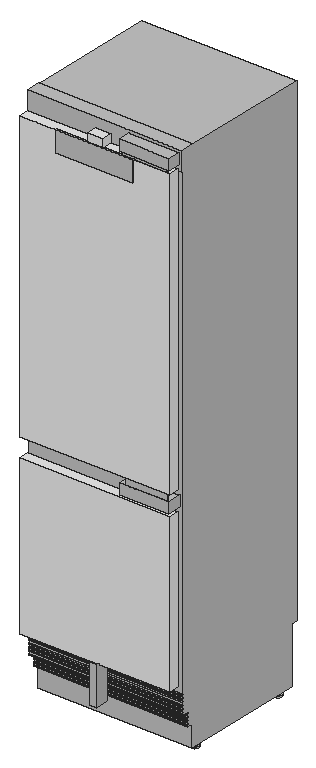
Revit family "FP_Revit_18_RS2484WRU1_Fridge_90001069A", category Specialty Equipment, Revit 2018
Family settings
  Round Connector Dimension = Use Diameter
  Part Type = Normal
  OmniClass Number = 23.40.40.11.11
  OmniClass Title = Refrigerators and Freezers
  Work Plane-Based = No
  Always vertical = Yes
  Cut with Voids When Loaded = Yes
  Shared = No
  Room Calculation Point = No
Parameters (values of type "RS2484WRU1")
  Visibility - Water Connection = yes
  Visibility - Visibility Control Note = yes
  Visibility - Clearance Required = yes
  URL = "www.fisherpaykel.com"
  Stainless Steel Door Panels (RD2484WRD) = no
  Product - Width = 603 mm  # constant formula
  Product - Height = 2134 mm  # constant formula
  Product - Depth (exl front panel) = 610 mm  # constant formula
  Model = "RS2484WRU1"
  Material - Handle = Fisher & Paykel - Aluminium
  Material - Door Structure = Fisher & Paykel - White
  Material - Door Front = Fisher & Paykel - Stainless Steel
  Material - Body = Fisher & Paykel - Grey
  Manufacturer = "Fisher & Paykel Appliances"
  Handle Style - Professional Square (AHV2RD2484W) = no
  Handle Style - Professional Round Flush (AHP3RD2484W) = no
  Handle Style - Professional Round (AHCRD2484W) = no
  Handle Style - Contemporary Square Fine Black (AHD5RD2484WB) = no
  Handle Style - Contemporary Square Fine (AHD5RD2484W) = no
  Handle Style - Contemporary Square (AHD3RD2484W) = no
  Handle Style - Contemporary Round (AHSRD2484W) = no
  Description = "24\" Integrated Column Refrigerator/Freezer with Ice & Water"
  Connector Description - Water = "1/4\" (6mm) comp. stainless steel braided hose"
  Connector Description - Electrical = "120 V, 10 amp fused electrical supply"
  Cavity - Width = 610 mm  # constant formula
  Cavity - Height = 2134 mm  # constant formula
  Cavity - Depth = 635 mm  # constant formula
Reference planes
  plane 1 "Datum": y = 0
  plane 2: z = 0
  plane 3 "Center (Left/Right)": x = 0
  plane 4 "Product LHS": x = -301.5
  plane 5 "Product RHS": x = 301.5
  plane 6 "Product - Depth": y = 610
  plane 7 "Cavity LHS": x = -305
  plane 8 "Cavity RHS": x = 305
  plane 9 "Cavity - Depth": y = 635
  plane 10 "Handle Offset": x = -238.5
  plane 11 "Product Height": z = 2134
  plane 12 "Cavity Height": z = 2134
  plane 13 "Door Panel Datum": y = -4.1
Forms (mm)
  Extrusion 1, solid, material "Fisher & Paykel - Grey" <- "Material - Body", detail levels fine
    sketch origin (0, 0, 0) x (0, 1, 0) y (0, 0, 1)
      loop
        line (100.1, 19.1) -> (587.9, 19.1) -> (587.9, 239.7) -> (610, 239.7) -> (610, 2132.3) -> (105.1, 2132.3) -> (105.1, 2134) -> (49.9, 2134) -> (49.9, 2059) -> (56, 2059) -> (56, 228.6) -> (59.5, 228.6) -> (59.5, 219.7) -> (56.5, 219.7) -> (56.5, 215.9) -> (59.5, 215.9) -> (59.5, 207) -> (56.5, 207) -> (56.5, 203.2) -> (59.5, 203.2) -> (59.5, 194.3) -> (56.5, 194.3) -> (56.5, 190.5) -> (59.5, 190.5) -> (59.5, 181.6) -> (56.5, 181.6) -> (56.5, 177.8) -> (59.5, 177.8) -> (59.5, 168.9) -> (56.5, 168.9) -> (56.5, 165.1) -> (59.5, 165.1) -> (59.5, 156.2) -> (56.5, 156.2) -> (56.5, 152.4) -> (84.1, 152.4) -> (84.1, 143.5) -> (81.1, 143.5) -> (81.1, 139.7) -> (84.1, 139.7) -> (84.1, 130.8) -> (81.1, 130.8) -> (81.1, 127) -> (84.1, 127) -> (84.1, 118.1) -> (81.1, 118.1) -> (81.1, 114.3) -> (84.1, 114.3) -> (84.1, 105.4) -> (81.1, 105.4) -> (81.1, 101.6) -> (100.1, 101.6) -> (100.1, 19.1)
    from -301.5 to 301.5
  Extrusion 2, solid, material "Fisher & Paykel - Grey" <- "Material - Body"
    sketch origin (0, 0, 0) x (1, 0, 0) y (0, 1, 0)
      loop
        circle (-281, 547.8) r 4.1
      loop
        circle (-281, 141.8) r 4.1
      loop
        circle (281, 547.8) r 4.1
      loop
        circle (281, 141.8) r 4.1
    from 3 to 19.1
  Extrusion 3, solid, material "Fisher & Paykel - Grey" <- "Material - Body"
    sketch origin (0, 0, 0) x (1, 0, 0) y (0, 1, 0)
      loop
        circle (-281, 547.8) r 14.5
      loop
        circle (-281, 141.8) r 14.555
      loop
        circle (281, 547.8) r 14.5
      loop
        circle (281, 141.8) r 14.555
    from 0 to 3
  Extrusion 4, solid, material "Fisher & Paykel - Grey" <- "Material - Body", detail levels fine
    sketch origin (0, 0, 0) x (1, 0, 0) y (0, 1, 0)
      loop
        line (-7.5, 49) -> (-13.797, -4.1) -> (13.797, -4.1) -> (7.5, 49) -> (-7.5, 49)
    from 104.2 to 253.8
  Extrusion 5, solid, material "Fisher & Paykel - Grey" <- "Material - Body", detail levels fine
    sketch origin (0, 0, 0) x (1, 0, 0) y (0, 0, 1)
      loop
        line (289.9, 2123.15) -> (95.42, 2123.15) -> (95.42, 2081.05) -> (289.9, 2081.05) -> (289.9, 2123.15)
    from -49 to -2.5
  Extrusion 6, solid, material "Fisher & Paykel - Grey" <- "Material - Body", detail levels fine
    sketch origin (0, 0, 0) x (0, 1, 0) y (0, 0, 1)
      loop
        line (0, 2070.6) -> (0, 1988.6) -> (2, 1988.6) -> (2, 2068.6) -> (4, 2068.6) -> (4, 2070.6) -> (0, 2070.6)
    from -150 to 150
  Extrusion 7, solid, material "Fisher & Paykel - Grey" <- "Material - Body"
    sketch origin (0, 0, 0) x (1, 0, 0) y (0, 0, 1)
      loop
        circle (226.5, 119.813) r 5
      loop
        circle (-226.5, 119.813) r 5
    from -590 to -587.9
  Extrusion 8, solid, material "Fisher & Paykel - White" <- "Material - Door Structure"
    sketch origin (0, 0, 0) x (1, 0, 0) y (0, 1, 0)
      loop
        line (-276.5, 56) -> (-276.5, 42) -> (276.5, 42) -> (276.5, 56) -> (-276.5, 56)
    from 951.3 to 2030.7
  Extrusion 9, solid, material "Fisher & Paykel - White" <- "Material - Door Structure"
    sketch origin (0, 0, 0) x (1, 0, 0) y (0, 1, 0)
      loop
        line (-292.9, 42) -> (-292.9, 3) -> (292.9, 3) -> (292.9, 42) -> (-292.9, 42)
    from 943.8 to 2068.6
  Extrusion 10, solid, material "Fisher & Paykel - White" <- "Material - Door Structure", detail levels fine
    sketch origin (0, 0, 0) x (1, 0, 0) y (0, 0, 1)
      loop
        line (-29.5, 2100.1) -> (-29.5, 2068.6) -> (29.5, 2068.6) -> (29.5, 2100.1) -> (-29.5, 2100.1)
    from -42 to -3
  Extrusion 11, solid, material "Fisher & Paykel - Stainless Steel" <- "Material - Door Front", visible <- "Stainless Steel Door Panels (RD2484WRD)"
    sketch origin (0, 0, 0) x (0, 1, 0) y (0, 0, 1)
      loop
        line (-22.1, 2130.8) -> (-22.1, 876.3) -> (-4.1, 876.3) -> (-4.1, 2130.8) -> (-22.1, 2130.8)
      loop
        line (-22.1, 102) -> (-4.1, 102) -> (-4.1, 873.1) -> (-22.1, 873.1) -> (-22.1, 102)
    from -301.5 to 301.5
  Extrusion 12, solid, material "Fisher & Paykel - Grey" <- "Material - Body", detail levels coarse+medium
    sketch origin (0, 0, 0) x (0, 1, 0) y (0, 0, 1)
      loop
        line (49.9, 2134) -> (49.9, 2059) -> (56, 2059) -> (56, 152.4) -> (81.1, 152.4) -> (81.1, 101.6) -> (100.1, 101.6) -> (100.1, 19.1) -> (587.9, 19.1) -> (587.9, 239.7) -> (610, 239.7) -> (610, 2134) -> (49.9, 2134)
    from -301.5 to 301.5
  Extrusion 13, solid, material "Fisher & Paykel - Grey" <- "Material - Body", detail levels fine
    sketch origin (0, 0, 0) x (1, 0, 0) y (0, 0, 1)
      loop
        line (289.9, 877.25) -> (289.9, 919.35) -> (95.42, 919.35) -> (95.42, 877.25) -> (289.9, 877.25)
    from -56 to -2.5
  Extrusion 14, solid, material "Fisher & Paykel - Grey" <- "Material - Body", detail levels fine
    sketch origin (0, 0, -4) x (0, 1, 0) y (0, 0, 1)
      loop
        arc (163.888, 23.1) -> (180.4, 13.63) -> (196.912, 23.1) r 19.13
        line (196.912, 23.1) -> (163.888, 23.1)
      loop
        arc (493.888, 23.1) -> (510.4, 13.63) -> (526.912, 23.1) r 19.13
        line (526.912, 23.1) -> (493.888, 23.1)
    from 191 to 219
  Extrusion 15, solid, material "Fisher & Paykel - Grey" <- "Material - Body", detail levels fine
    sketch origin (0, 0, -4) x (0, 1, 0) y (0, 0, -1)
      loop
        line (163.888, -23.1) -> (196.912, -23.1)
        arc (196.912, -23.1) -> (180.4, -13.63) -> (163.888, -23.1) r 19.13
      loop
        line (493.888, -23.1) -> (526.912, -23.1)
        arc (526.912, -23.1) -> (510.4, -13.63) -> (493.888, -23.1) r 19.13
    from 191 to 219
  Extrusion 16, solid, material "Fisher & Paykel - Clearance Required", visible <- "Visibility - Clearance Required", detail levels coarse
    sketch origin (0, 0, 0) x (1, 0, 0) y (0, 1, 0)
      loop
        line (-305, 635) -> (-305, -4.1) -> (305, -4.1) -> (305, 635) -> (-305, 635)
    from 0 to 2134
  Extrusion 17, void
    sketch origin (0, 0, 0) x (1, 0, 0) y (0, 1, 0)
      loop
        line (-305, 635) -> (-305, -22.1) -> (305, -22.1) -> (305, 635) -> (-305, 635)
    from 0 to 2134
  Extrusion 18, solid, material "Fisher & Paykel - Grey" <- "Material - Body", detail levels fine
    sketch origin (0, 0, 0) x (1, 0, 0) y (0, 0, 1)
      loop
        line (118.4, 943.8) -> (118.4, 919.35) -> (282.9, 919.35) -> (282.9, 943.8) -> (118.4, 943.8)
      loop
        line (106, 2081.05) -> (106, 2068.6) -> (282.9, 2068.6) -> (282.9, 2076.05) -> (242.9, 2081.05) -> (106, 2081.05)
    from -7 to -4
  Extrusion 19, solid, material "Fisher & Paykel - White" <- "Material - Door Structure"
    sketch origin (0, 0, 0) x (1, 0, 0) y (0, 1, 0)
      loop
        line (-292.9, 42) -> (-292.9, 3) -> (292.9, 3) -> (292.9, 42) -> (-292.9, 42)
    from 253.8 to 868.15
  Extrusion 20, solid, material "Fisher & Paykel - White" <- "Material - Door Structure"
    sketch origin (0, 0, 0) x (1, 0, 0) y (0, 1, 0)
      loop
        line (-276.5, 56) -> (-276.5, 42) -> (276.5, 42) -> (276.5, 56) -> (-276.5, 56)
    from 269.2 to 858.13
  Extrusion 21, solid, material "Fisher & Paykel - Clearance Required", visible <- "Visibility - Clearance Required", detail levels coarse
    sketch origin (0, 0, 0) x (0, 1, 0) y (0, 0, 1)
      loop
        line (-422.1, 873.1) -> (-422.1, 818.896) -> (-482.1, 818.896) -> (-482.1, 781.896) -> (-422.1, 781.896) -> (-422.1, 101.6) -> (-22.1, 101.6) -> (-22.1, 873.1) -> (-422.1, 873.1)
    from -305 to 305
  Extrusion 22, solid, material "Fisher & Paykel - Clearance Required", visible <- "Visibility - Clearance Required", detail levels coarse
    sketch origin (0, 0, 0) x (1, 0, 0) y (0, 1, 0)
      loop
        line (301.5, -22.1) -> (-301.5, -22.1)
        arc (-301.5, -22.1) -> (-14.693, -560.645) -> (593.641, -607.752) r 633.927
        line (593.641, -607.752) -> (571.638, -560.412) -> (599.086, -547.613)
        arc (599.086, -547.613) -> (608.033, -523.032) -> (583.452, -514.085) r 18.497
        line (583.452, -514.085) -> (556.046, -526.865) -> (339.359, -60.653)
        arc (339.359, -60.653) -> (304.469, -57.05) -> (301.5, -22.1) r 27.5
    from 876.3 to 2134
Lines and regions (mm)
  model lines, style "Fisher & Paykel"
    curve 1: line (-301.5, 0, 2130.8) -> (301.5, 0, 2130.8)
    curve 2: line (-301.5, 0, 876.3) -> (-301.5, 0, 2130.8)
    curve 3: line (301.5, 0, 876.3) -> (-301.5, 0, 876.3)
    curve 4: line (301.5, 0, 2130.8) -> (301.5, 0, 876.3)
    curve 5: line (301.5, 0, 873.1) -> (-301.5, 0, 873.1)
    curve 6: line (301.5, 0, 102) -> (301.5, 0, 873.1)
    curve 7: line (-301.5, 0, 102) -> (301.5, 0, 102)
    curve 8: line (-301.5, 0, 873.1) -> (-301.5, 0, 102)
Text (mm)
  text "Due to ongoing product development, product details are subject to change without notice. \nPlease always refer to www.fisherpaykel.com for the most current product information. \n© Fisher & Paykel 2020" at (41.04, -678.295, 0), in view "Ref. Level (Plan)"
Dimensions and locks
  equal spacing: plane 4 "Product LHS", plane 3 "Center (Left/Right)", plane 5 "Product RHS"
  "Product - Width": plane 4 "Product LHS" to plane 5 "Product RHS"
  "Product - Depth (exl front panel)": plane 1 "Datum" to plane 6 "Product - Depth"
  equal spacing: plane 7 "Cavity LHS", plane 3 "Center (Left/Right)", plane 8 "Cavity RHS"
  "Cavity - Width": plane 7 "Cavity LHS" to plane 8 "Cavity RHS"
  "Cavity - Depth": plane 9 "Cavity - Depth" to plane 1 "Datum"
  plane 4 "Product LHS" to Extrusion 2 sketch curve = 24.6 mm
  plane 4 "Product LHS" to plane 10 "Handle Offset" = 63 mm
  Extrusion 7 sketch curve to Extrusion 1 = 119.887 mm  (x2)
  Extrusion 7 sketch curve to plane 5 "Product RHS" = 75 mm
  plane 4 "Product LHS" to Extrusion 7 sketch curve = 75 mm
  Extrusion 1 sketch curve to Extrusion 1 sketch curve = 82.5 mm
  Extrusion 1 sketch curve to Extrusion 1 sketch curve = 209.5 mm
  Extrusion 1 sketch curve to Extrusion 1 sketch curve = 220.6 mm
  Extrusion 3 to level = 3 mm
  Extrusion 12 to Extrusion 9 = 924.7 mm
  Extrusion 12 to Extrusion 8 = 932.2 mm
  Extrusion 12 to Extrusion 12 = 2114.9 mm
  Extrusion 12 to Extrusion 11 = 82.9 mm
  "Product - Height": level to plane 11 "Product Height"
  plane 11 "Product Height" to Extrusion 11 = 3.2 mm
  Extrusion 9 to plane 11 "Product Height" = 65.4 mm
  Extrusion 8 to plane 11 "Product Height" = 103.3 mm
  Extrusion 12 sketch curve to plane 11 "Product Height" = 75 mm
  Extrusion 1 sketch curve to plane 11 "Product Height" = 1.7 mm
  Extrusion 1 sketch curve to plane 11 "Product Height" = 75 mm
  "Cavity - Height": plane 12 "Cavity Height" to level
  plane 1 "Datum" to Extrusion 16 = 635 mm
  plane 1 "Datum" to Extrusion 17 = 635 mm
  Extrusion 18 sketch curve to Extrusion 18 sketch curve = 40 mm
  Extrusion 18 sketch curve to plane 3 "Center (Left/Right)" = 106 mm
  Extrusion 18 sketch curve to Extrusion 18 sketch curve = 176.9 mm
  Extrusion 18 sketch curve to plane 3 "Center (Left/Right)" = 118.4 mm
  plane 3 "Center (Left/Right)" to Extrusion 18 sketch curve = 282.9 mm
  Extrusion 17 to level = 2134 mm
  radius of Extrusion 7 sketch curve = 5 mm
  aligned and locked: level to plane 2
  aligned and locked: Extrusion 11 to plane 5 "Product RHS"
  aligned and locked: plane 4 "Product LHS" to Extrusion 11
  aligned and locked: Extrusion 12 to plane 5 "Product RHS"
  aligned and locked: Extrusion 12 to plane 4 "Product LHS"
  aligned and locked: Extrusion 12 sketch curve to plane 11 "Product Height"
  aligned and locked: plane 11 "Product Height" to Extrusion 1 sketch curve
  aligned and locked: Extrusion 14 sketch curve to Extrusion 14 sketch curve
  aligned and locked: Extrusion 15 sketch curve to Extrusion 15 sketch curve
  aligned and locked: Extrusion 1 to plane 5 "Product RHS"
  aligned and locked: plane 4 "Product LHS" to Extrusion 1
  aligned and locked: nested 2 to plane 10 "Handle Offset"
  aligned and locked: nested 3 to plane 10 "Handle Offset"
  aligned and locked: nested 4 to plane 10 "Handle Offset"
  aligned and locked: nested 5 to plane 10 "Handle Offset"
  aligned and locked: nested 6 to plane 10 "Handle Offset"
  aligned and locked: nested 7 to plane 10 "Handle Offset"
  aligned and locked: nested 8 to plane 10 "Handle Offset"
Automatic sketch dimensions
  Extrusion 1 sketch curve to plane 6 "Product - Depth" = 0 mm
  Extrusion 1 sketch curve to Extrusion 1 sketch curve = 22.1 mm
  Extrusion 1 sketch curve to plane 1 "Datum" = 105.1 mm
  level to Extrusion 1 sketch curve = 19.1 mm
  Extrusion 1 sketch curve to plane 1 "Datum" = 100.1 mm
  Extrusion 1 sketch curve to Extrusion 1 sketch curve = 16 mm
  Extrusion 1 sketch curve to Extrusion 1 sketch curve = 0 mm  (x8)
  Extrusion 1 sketch curve to Extrusion 1 sketch curve = 3 mm  (x10)
  Extrusion 1 sketch curve to plane 1 "Datum" = 59.5 mm
  Extrusion 1 sketch curve to plane 1 "Datum" = 56 mm
  Extrusion 1 sketch curve to plane 1 "Datum" = 49.9 mm
  Extrusion 1 sketch curve to Extrusion 1 sketch curve = 3.8 mm  (x10)
  Extrusion 1 sketch curve to Extrusion 1 sketch curve = 8.9 mm  (x9)
  Extrusion 2 sketch curve to plane 4 "Product LHS" = 20.5 mm  (x2)
  plane 5 "Product RHS" to Extrusion 2 sketch curve = 20.5 mm  (x2)
  Extrusion 2 sketch curve to plane 1 "Datum" = 141.8 mm  (x2)
  Extrusion 2 sketch curve to plane 6 "Product - Depth" = 62.2 mm  (x2)
  Extrusion 3 sketch curve to plane 4 "Product LHS" = 20.5 mm  (x2)
  plane 5 "Product RHS" to Extrusion 3 sketch curve = 20.5 mm  (x2)
  Extrusion 3 sketch curve to plane 1 "Datum" = 141.8 mm  (x2)
  Extrusion 3 sketch curve to plane 6 "Product - Depth" = 62.2 mm  (x2)
  plane 1 "Datum" to Extrusion 4 sketch curve = 4.1 mm
  Extrusion 4 sketch curve to plane 3 "Center (Left/Right)" = 13.797 mm
  Extrusion 4 sketch curve to plane 3 "Center (Left/Right)" = 7.5 mm
  plane 3 "Center (Left/Right)" to Extrusion 4 sketch curve = 7.5 mm
  plane 3 "Center (Left/Right)" to Extrusion 4 sketch curve = 13.797 mm
  Extrusion 4 sketch curve to plane 1 "Datum" = 49 mm
  plane 11 "Product Height" to Extrusion 5 sketch curve = 10.85 mm
  plane 3 "Center (Left/Right)" to Extrusion 5 sketch curve = 95.42 mm
  plane 5 "Product RHS" to Extrusion 5 sketch curve = 11.6 mm
  Extrusion 5 sketch curve to Extrusion 5 sketch curve = 42.1 mm
  Extrusion 6 sketch curve to plane 1 "Datum" = 0 mm
  Extrusion 6 sketch curve to plane 1 "Datum" = 2 mm
  Extrusion 6 sketch curve to Extrusion 6 sketch curve = 2 mm  (x2)
  plane 11 "Product Height" to Extrusion 6 sketch curve = 145.4 mm
  plane 11 "Product Height" to Extrusion 6 sketch curve = 65.4 mm
  Extrusion 8 sketch curve to plane 4 "Product LHS" = 25 mm
  plane 5 "Product RHS" to Extrusion 8 sketch curve = 25 mm
  Extrusion 8 sketch curve to plane 1 "Datum" = 42 mm
  Extrusion 8 sketch curve to Extrusion 8 sketch curve = 14 mm
  Extrusion 9 sketch curve to plane 1 "Datum" = 3 mm
  Extrusion 9 sketch curve to plane 4 "Product LHS" = 8.6 mm
  plane 5 "Product RHS" to Extrusion 9 sketch curve = 8.6 mm
  Extrusion 9 sketch curve to Extrusion 9 sketch curve = 39 mm
  Extrusion 10 sketch curve to plane 3 "Center (Left/Right)" = 29.5 mm
  plane 3 "Center (Left/Right)" to Extrusion 10 sketch curve = 29.5 mm
  plane 11 "Product Height" to Extrusion 10 sketch curve = 65.4 mm
  Extrusion 10 sketch curve to Extrusion 10 sketch curve = 31.5 mm
  Extrusion 12 sketch curve to plane 6 "Product - Depth" = 0 mm
  Extrusion 12 sketch curve to plane 6 "Product - Depth" = 22.1 mm
  Extrusion 12 sketch curve to plane 1 "Datum" = 100.1 mm
  Extrusion 12 sketch curve to Extrusion 12 sketch curve = 19 mm
  Extrusion 12 sketch curve to plane 1 "Datum" = 56 mm
  Extrusion 12 sketch curve to plane 1 "Datum" = 49.9 mm
  level to Extrusion 12 sketch curve = 239.7 mm
  level to Extrusion 12 sketch curve = 152.4 mm
  Extrusion 12 sketch curve to Extrusion 12 sketch curve = 50.8 mm
  level to Extrusion 12 sketch curve = 19.1 mm
  plane 3 "Center (Left/Right)" to Extrusion 13 sketch curve = 95.42 mm
  plane 5 "Product RHS" to Extrusion 13 sketch curve = 11.6 mm
  level to Extrusion 13 sketch curve = 877.25 mm
  Extrusion 13 sketch curve to Extrusion 13 sketch curve = 42.1 mm
  level to Extrusion 14 sketch curve = 19.1 mm
  Extrusion 14 sketch curve to plane 1 "Datum" = 163.888 mm
  Extrusion 14 sketch curve to Extrusion 14 sketch curve = 16.512 mm  (x2)
  Extrusion 14 sketch curve to plane 6 "Product - Depth" = 116.112 mm
  Extrusion 14 sketch curve to Extrusion 14 sketch curve = 9.66 mm  (x2)
  level to Extrusion 15 sketch curve = 19.1 mm
  Extrusion 15 sketch curve to plane 1 "Datum" = 163.888 mm
  Extrusion 15 sketch curve to Extrusion 15 sketch curve = 16.512 mm  (x2)
  Extrusion 15 sketch curve to plane 6 "Product - Depth" = 116.112 mm
  Extrusion 15 sketch curve to Extrusion 15 sketch curve = 9.66 mm  (x2)
  Extrusion 16 sketch curve to plane 7 "Cavity LHS" = 0 mm
  Extrusion 16 sketch curve to plane 8 "Cavity RHS" = 0 mm
  Extrusion 16 sketch curve to plane 9 "Cavity - Depth" = 0 mm
  plane 1 "Datum" to Extrusion 16 sketch curve = 4.1 mm
  Extrusion 17 sketch curve to plane 7 "Cavity LHS" = 0 mm
  Extrusion 17 sketch curve to plane 8 "Cavity RHS" = 0 mm
  plane 9 "Cavity - Depth" to Extrusion 17 sketch curve = 0 mm
  plane 1 "Datum" to Extrusion 17 sketch curve = 22.1 mm
  level to Extrusion 18 sketch curve = 919.35 mm
  Extrusion 18 sketch curve to Extrusion 18 sketch curve = 24.45 mm
  plane 11 "Product Height" to Extrusion 18 sketch curve = 65.4 mm
  Extrusion 18 sketch curve to Extrusion 18 sketch curve = 7.45 mm
  Extrusion 18 sketch curve to Extrusion 18 sketch curve = 5 mm
  Extrusion 19 sketch curve to plane 1 "Datum" = 3 mm
  Extrusion 19 sketch curve to plane 4 "Product LHS" = 8.6 mm
  plane 5 "Product RHS" to Extrusion 19 sketch curve = 8.6 mm
  Extrusion 19 sketch curve to Extrusion 19 sketch curve = 39 mm
  Extrusion 20 sketch curve to plane 4 "Product LHS" = 25 mm
  plane 5 "Product RHS" to Extrusion 20 sketch curve = 25 mm
  Extrusion 20 sketch curve to plane 1 "Datum" = 42 mm
  Extrusion 20 sketch curve to Extrusion 20 sketch curve = 14 mm
  plane 1 "Datum" to Extrusion 21 sketch curve = 482.1 mm
  Extrusion 21 sketch curve to Extrusion 21 sketch curve = 60 mm
  Extrusion 21 sketch curve to Extrusion 21 sketch curve = 0 mm
  plane 1 "Datum" to Extrusion 21 sketch curve = 22.1 mm
  level to Extrusion 21 sketch curve = 101.6 mm
  Extrusion 21 sketch curve to Extrusion 21 sketch curve = 680.296 mm
  Extrusion 21 sketch curve to Extrusion 21 sketch curve = 37 mm
  Extrusion 21 sketch curve to Extrusion 21 sketch curve = 54.204 mm
  Extrusion 22 sketch curve to plane 4 "Product LHS" = 0 mm
  Extrusion 22 sketch curve to plane 5 "Product RHS" = 0 mm
  Extrusion 22 sketch curve to plane 8 "Cavity RHS" = 19.09 mm
  Extrusion 22 sketch curve to Extrusion 22 sketch curve = 8.286 mm
  Extrusion 22 sketch curve to Extrusion 22 sketch curve = 15.269 mm
  Extrusion 22 sketch curve to plane 8 "Cavity RHS" = 251.046 mm
  Extrusion 22 sketch curve to Extrusion 22 sketch curve = 15.592 mm
  Extrusion 22 sketch curve to Extrusion 22 sketch curve = 27.406 mm
  Extrusion 22 sketch curve to Extrusion 22 sketch curve = 7.817 mm  (x2)
  Extrusion 22 sketch curve to Extrusion 22 sketch curve = 22.003 mm
  plane 1 "Datum" to Extrusion 22 sketch curve = 607.752 mm
  Extrusion 22 sketch curve to Extrusion 22 sketch curve = 47.34 mm
  Extrusion 22 sketch curve to Extrusion 22 sketch curve = 12.799 mm
  Extrusion 22 sketch curve to Extrusion 22 sketch curve = 16.764 mm
  Extrusion 22 sketch curve to Extrusion 22 sketch curve = 12.78 mm
  plane 1 "Datum" to Extrusion 22 sketch curve = 60.653 mm
  Extrusion 22 sketch curve to Extrusion 22 sketch curve = 22.871 mm
  plane 1 "Datum" to Extrusion 11 sketch curve = 22.1 mm
  plane 1 "Datum" to Extrusion 11 sketch curve = 4.1 mm
  level to Extrusion 11 sketch curve = 102 mm
  plane 11 "Product Height" to Extrusion 11 sketch curve = 3.2 mm
  Extrusion 11 sketch curve to Extrusion 11 sketch curve = 3.2 mm
  Extrusion 11 sketch curve to Extrusion 11 sketch curve = 771.1 mm
  Extrusion 11 sketch curve to Extrusion 11 sketch curve = 0 mm  (x2)
  plane 4 "Product LHS" to curve 1 = 0 mm
  plane 4 "Product LHS" to curve 8 = 0 mm
  plane 5 "Product RHS" to curve 4 = 0 mm
  plane 5 "Product RHS" to curve 6 = 0 mm
  level to curve 6 = 102 mm
  curve 6 to curve 6 = 771.1 mm
  curve 5 to curve 2 = 3.2 mm
  plane 11 "Product Height" to curve 2 = 3.2 mm
  radius of Extrusion 2 sketch curve = 4.1 mm  (x3)
  radius of Extrusion 3 sketch curve = 14.5 mm  (x2)
  radius of Extrusion 3 sketch curve = 14.555 mm  (x2)
  radius of Extrusion 7 sketch curve = 5 mm
Nested families
  nested 1: "Visibility Control Note 18" at (0, 0, 0), visible <- "Visibility - Visibility Control Note", type "Visibility Control Note 18"
  nested 2: "Handle Contemporary Round - Vertical" at (-238.5, -22.1, 1322.58), visible <- "Handle Style - Contemporary Round (AHSRD2484W)", type "AHSRD2484W - Contemporary round handle (1 of 2) (Vertical) 727mm"
  nested 3: "Handle Contemporary Square - Vertical" at (-238.5, -22.1, 1322.58), visible <- "Handle Style - Contemporary Square (AHD3RD2484W)", type "AHD3RD2484W - Contemporary square handle (1 of 2) (Vertical) 727mm"
  nested 4: "F&P Handle Kit - Contemporary Square Fine - Vertical" at (-238.5, -22.1, 1322.58), visible <- "Handle Style - Contemporary Square Fine Black (AHD5RD2484WB)", type "AHD5RD2484WB - Contemporary square fine black handle (1 of 2) (Vertical) 727mm"
  nested 5: "F&P Handle Kit - Contemporary Square Fine - Vertical" at (-238.5, -22.1, 1322.58), visible <- "Handle Style - Contemporary Square Fine (AHD5RD2484W)", type "AHD5RD2484W - Contemporary square fine handle (1 of 2) (Vertical) 727mm"
  nested 6: "Handle Professional Round - Vertical" at (-238.5, -22.1, 1322.58), visible <- "Handle Style - Professional Round (AHCRD2484W)", type "AHCRD2484W - Professional round handle (1 of 2) (Vertical) 661mm"
  nested 7: "Handle Professional Round Flush - Vertical" at (-238.5, -22.1, 1322.58), visible <- "Handle Style - Professional Round Flush (AHP3RD2484W)", type "AHP3RD2484W - Professional round flush handle (1 of 2) (Vertical) 677mm"
  nested 8: "Handle Professional Square - Vertical" at (-238.5, -22.1, 1322.58), visible <- "Handle Style - Professional Square (AHV2RD2484W)", type "AHV2RD2484W - Professional square handle (1 of 2) (Vertical) 727mm"
  nested 9: "Handle Contemporary Round - Horizontal" at (0, -22.1, 800.364), visible <- "Handle Style - Contemporary Round (AHSRD2484W)", type "AHSRD2484W - Contemporary round handle (2 of 2) (Horizontal) 494mm"
  nested 10: "Handle Contemporary Square - Horizontal" at (0, -22.1, 800.364), visible <- "Handle Style - Contemporary Square (AHD3RD2484W)", type "AHD3RD2484W - Contemporary square handle (2 of 2) (Horizontal) 494mm"
  nested 11: "F&P Handle Kit - Contemporary Square Fine - Horizontal" at (0, -22.1, 800.364), visible <- "Handle Style - Contemporary Square Fine Black (AHD5RD2484WB)", type "AHD5RD2484WB - Contemporary square fine black handle (2 of 2) (Horizontal) 494mm"
  nested 12: "Handle Professional Round - Horizontal" at (0, -22.1, 800.364), visible <- "Handle Style - Professional Round (AHCRD2484W)", type "AHCRD2484W - Professional round handle (2 of 2) (Horizontal) 428mm"
  nested 13: "Handle Professional Round Flush - Horizontal" at (0, -22.1, 800.364), visible <- "Handle Style - Professional Round Flush (AHP3RD2484W)", type "AHP3RD2484W - Professional round flush handle (2 of 2) (Horizontal) 443mm"
  nested 14: "Handle Professional Square - Horizontal" at (0, -22.1, 800.364), visible <- "Handle Style - Professional Square (AHV2RD2484W)", type "AHV2RD2484W - Professional square handle (2 of 2) (Horizontal) 434mm"
  nested 15: "F&P Handle Kit - Contemporary Square Fine - Horizontal" at (0, -22.1, 800.364), visible <- "Handle Style - Contemporary Square Fine (AHD5RD2484W)", type "AHD5RD2484W - Contemporary square fine handle (2 of 2) (Horizontal) 494mm"
Connectors
  electrical at (-226.5, 590, 119.813), driven by "Connector Description - Electrical"
    settings: on Extrusion 7, index 1, voltage 120 V, apparent load 0 VA, apparent load phase1 0 VA, apparent load phase2 0 VA, apparent load phase3 0 VA, power factor 1, load classification "Other", number of poles 1, system type 30, power factor state 1, is connector primary yes, connector utility no, sub classification motor no, connector description "120 V, 10 amp fused electrical supply"
  piping at (226.5, 590, 119.813), diameter 12.7, driven by "Visibility - Water Connection", driven by "Connector Description - Water"
    settings: on Extrusion 7, index 2, connector inside diameter 609.6 mm, connector length 0 mm, flow factor 0, pipe flow 0.0 L/s, pressure drop 0.0 Pa, fitting loss kfactor 0, connector angle 0.00°, fixture units 0, engagement length 0 mm, angle of deflection 0.00°, flow configuration 0, flow direction 1, fitting loss method 0, system type 20, joint type 0, gender type 0, connector reference index -1, connector utility 1, adjustable connector no, is connector primary yes, connector description "1/4\" (6mm) comp. stainless steel braided hose"
Definition of nested family "Handle Contemporary Round - Vertical"
  Parameters (values of type "AHSRS80A - Contemporary round handle (1 of 2) (Vertical) 727mm")
    URL = "www.fisherpaykel.com"
    Material - Handle = none
    Manufacturer = "Fisher & Paykel Appliances"
    Handle - Length = 727 mm
  Types (6, lengths in mm): name | Handle - Length
    AHS-RD21 - Contemporary round handle (Vertical) 852mm | 852
    AHSRD2484W - Contemporary round handle (1 of 2) (Vertical) 727mm | 727
    AHSRD3084W - Contemporary round handle (1 of 2) (Vertical) 727mm | 727
    AHS-RD84 - Contemporary round handle (Vertical) 852mm | 852
    AHSRS3272A - Contemporary round handle (1 of 2) (Vertical) 727mm | 727
    AHSRS80A - Contemporary round handle (1 of 2) (Vertical) 727mm | 727
  Reference planes
    plane 1 "Center (Front/Back)": y = 0
    plane 2: z = 0
    plane 3 "Center (Left/Right)": x = 0
    plane 4 "Top": z = 363.5
    plane 5 "Bottom": z = -363.5
    plane 6 "Top Standoff": z = 243.5
    plane 7 "Bottom Standoff": z = -243.5
  Forms (mm)
    Extrusion 1, solid, material <- "Material - Handle"
      sketch origin (0, 0, 0) x (1, 0, 0) y (0, 1, 0)
        loop
          circle (0, -32.3) r 8.7
      from -243.5 to 243.5
    Extrusion 2, solid, material <- "Material - Handle", detail levels fine
      sketch origin (0, 0, 0) x (1, 0, 0) y (0, 1, 0)
        loop
          line (-8.7, 0) -> (-8.7, -32.3)
          arc (-8.7, -32.3) -> (0, -41) -> (8.7, -32.3) r 8.7
          line (8.7, -32.3) -> (8.7, 0) -> (-8.7, 0)
      from 243.5 to 363.5
    Extrusion 3, solid, material <- "Material - Handle", detail levels fine
      sketch origin (0, 0, 0) x (1, 0, 0) y (0, 1, 0)
        loop
          line (-8.7, 0) -> (-8.7, -32.3)
          arc (-8.7, -32.3) -> (0, -41) -> (8.7, -32.3) r 8.7
          line (8.7, -32.3) -> (8.7, 0) -> (-8.7, 0)
      from -363.5 to -243.5
    Sweep 4, void
      path in 3D
        loop
          line (8.7, 0, -363.5) -> (8.7, -32.3, -363.5)
          arc (8.7, -32.3, -363.5) -> (0, -41, -363.5) -> (-8.7, -32.3, -363.5) r 8.7
          line (-8.7, -32.3, -363.5) -> (-8.7, 0, -363.5)
      profile origin (8.7, -16.15, -363.5) x (-1, 0, 0) y (0, 0, -1)
        loop
          line (0, 0) -> (0, -1) -> (1, 0) -> (0, 0)
    Sweep 5, void
      path in 3D
        loop
          line (-8.7, 0, 363.5) -> (-8.7, -32.3, 363.5)
          arc (-8.7, -32.3, 363.5) -> (0, -41, 363.5) -> (8.7, -32.3, 363.5) r 8.7
          line (8.7, -32.3, 363.5) -> (8.7, 0, 363.5)
      profile origin (8.7, -16.15, 363.5) x (-1, 0, 0) y (0, 0, 1)
        loop
          line (0, 0) -> (0, -1) -> (1, 0) -> (0, 0)
    Extrusion 6, solid, material <- "Material - Handle", detail levels coarse+medium
      sketch origin (0, 0, 0) x (1, 0, 0) y (0, 1, 0)
        loop
          line (-8.7, 0) -> (-8.7, -32.3)
          arc (-8.7, -32.3) -> (0, -41) -> (8.7, -32.3) r 8.7
          line (8.7, -32.3) -> (8.7, 0) -> (-8.7, 0)
      from 243.5 to 363.5
    Extrusion 7, solid, material <- "Material - Handle", detail levels coarse+medium
      sketch origin (0, 0, 0) x (1, 0, 0) y (0, 1, 0)
        loop
          line (-8.7, 0) -> (-8.7, -32.3)
          arc (-8.7, -32.3) -> (0, -41) -> (8.7, -32.3) r 8.7
          line (8.7, -32.3) -> (8.7, 0) -> (-8.7, 0)
      from -363.5 to -243.5
  Cuts and joins
    Sweep 4 cuts Extrusion 3
    Sweep 5 cuts Extrusion 2
  Lines and regions (mm)
    sketch lines
      curve 1: line (8.7, 0, -363.5) -> (8.7, -32.3, -363.5)
      curve 2: arc (-8.7, -32.3, -363.5) -> (0, -41, -363.5) -> (8.7, -32.3, -363.5) r 8.7
      curve 3: line (-8.7, -32.3, -363.5) -> (-8.7, 0, -363.5)
      curve 4: line (8.7, -32.3, 363.5) -> (8.7, 0, 363.5)
      curve 5: arc (8.7, -32.3, 363.5) -> (0, -41, 363.5) -> (-8.7, -32.3, 363.5) r 8.7
      curve 6: line (-8.7, 0, 363.5) -> (-8.7, -32.3, 363.5)
  Dimensions and locks
    equal spacing: plane 4 "Top", level, plane 5 "Bottom"
    "Handle - Length": plane 4 "Top" to plane 5 "Bottom"
    locked: plane 4 "Top" to plane 6 "Top Standoff" at 120
    locked: plane 7 "Bottom Standoff" to plane 5 "Bottom" at 120
    Extrusion 2 sketch curve to Extrusion 2 sketch curve = 17.4 mm
    Extrusion 3 sketch curve to Extrusion 3 sketch curve = 17.4 mm
    Extrusion 6 sketch curve to Extrusion 6 sketch curve = 17.4 mm
    Extrusion 7 sketch curve to Extrusion 7 sketch curve = 17.4 mm
    aligned and locked: level to plane 2
    aligned and locked: plane 4 "Top" to Extrusion 2
    aligned and locked: Extrusion 3 to plane 5 "Bottom"
    aligned and locked: plane 7 "Bottom Standoff" to Extrusion 3
    aligned and locked: Extrusion 1 to plane 7 "Bottom Standoff"
    aligned and locked: plane 6 "Top Standoff" to Extrusion 1
    aligned and locked: Extrusion 2 to Extrusion 1
    aligned and locked: Extrusion 6 to Extrusion 1
    aligned and locked: plane 4 "Top" to Extrusion 6
    aligned and locked: Extrusion 7 to Extrusion 1
    aligned and locked: Extrusion 7 to plane 5 "Bottom"
  Automatic sketch dimensions
    Extrusion 1 sketch curve to plane 3 "Center (Left/Right)" = 0 mm
    plane 1 "Center (Front/Back)" to Extrusion 1 sketch curve = 32.3 mm
    plane 1 "Center (Front/Back)" to Extrusion 2 sketch curve = 0 mm
    Extrusion 2 sketch curve to plane 3 "Center (Left/Right)" = 0 mm
    Extrusion 2 sketch curve to plane 3 "Center (Left/Right)" = 8.7 mm
    plane 1 "Center (Front/Back)" to Extrusion 2 sketch curve = 32.3 mm
    plane 1 "Center (Front/Back)" to Extrusion 3 sketch curve = 0 mm
    Extrusion 3 sketch curve to plane 3 "Center (Left/Right)" = 0 mm
    Extrusion 3 sketch curve to plane 3 "Center (Left/Right)" = 8.7 mm
    plane 1 "Center (Front/Back)" to Extrusion 3 sketch curve = 32.3 mm
    Sweep 4 sketch curve to profile plane = 0 mm  (x2)
    Sweep 4 sketch curve to profile plane = 1 mm  (x2)
    Sweep 5 sketch curve to profile plane = 0 mm  (x2)
    Sweep 5 sketch curve to profile plane = 1 mm  (x2)
    Extrusion 6 sketch curve to plane 3 "Center (Left/Right)" = 0 mm
    Extrusion 6 sketch curve to plane 3 "Center (Left/Right)" = 8.7 mm
    plane 1 "Center (Front/Back)" to Extrusion 6 sketch curve = 32.3 mm
    Extrusion 6 sketch curve to Extrusion 6 sketch curve = 32.3 mm
    Extrusion 7 sketch curve to plane 3 "Center (Left/Right)" = 0 mm
    Extrusion 7 sketch curve to plane 3 "Center (Left/Right)" = 8.7 mm
    plane 1 "Center (Front/Back)" to Extrusion 7 sketch curve = 32.3 mm
    Extrusion 7 sketch curve to Extrusion 7 sketch curve = 32.3 mm
    radius of Extrusion 1 sketch curve = 8.7 mm
Definition of nested family "Handle Contemporary Square - Vertical"
  Parameters (values of type "AHD3RS80A - Contemporary square handle (1 of 2) (Vertical) 727mm")
    URL = "www.fisherpaykel.com"
    Material - Handle = none
    Manufacturer = "Fisher & Paykel Appliances"
    Handle - Length = 727 mm
  Types (7, lengths in mm): name | Handle - Length
    (no name) | 727
    AHD3-RD21 - Contemporary square handle (Vertical) 852mm | 852
    AHD3RD2484W - Contemporary square handle (1 of 2) (Vertical) 727mm | 727
    AHD3RD3084W - Contemporary square handle (1 of 2) (Vertical) 727mm | 727
    AHD3-RD84 - Contemporary square handle (Vertical) 852mm | 852
    AHD3RS3272A - Contemporary square handle (1 of 2) (Vertical) 727mm | 727
    AHD3RS80A - Contemporary square handle (1 of 2) (Vertical) 727mm | 727
  Reference planes
    plane 1 "Center (Front/Back)": y = 0
    plane 2: z = 0
    plane 3 "Center (Left/Right)": x = 0
    plane 4 "Top": z = 363.5
    plane 5 "Bottom": z = -363.5
    plane 6 "Top Standoff": z = 243.5
    plane 7 "Bottom Standoff": z = -243.5
  Forms (mm)
    Extrusion 1, solid, material <- "Material - Handle", detail levels fine
      sketch origin (0, 0, 0) x (1, 0, 0) y (0, 1, 0)
        loop
          arc (-7.583, -28.701) -> (-7.89, -29.057) -> (-8, -29.514) r 1
          line (-8, -29.514) -> (-8, -40.5)
          arc (-8, -40.5) -> (-7.561, -41.561) -> (-6.5, -42) r 1.5
          line (-6.5, -42) -> (6.5, -42)
          arc (6.5, -42) -> (7.561, -41.561) -> (8, -40.5) r 1.5
          line (8, -40.5) -> (8, -29.487)
          arc (8, -29.487) -> (7.889, -29.029) -> (7.58, -28.673) r 1
          arc (7.58, -28.673) -> (-0.006, -26.256) -> (-7.583, -28.701) r 13.038
      from -363.5 to 363.5
    Extrusion 2, solid, material <- "Material - Handle", detail levels fine
      sketch origin (0, 0, 0) x (1, 0, 0) y (0, 1, 0)
        loop
          arc (7.058, -28.23) -> (7.466, -28.244) -> (7.674, -27.893) r 0.4
          line (7.674, -27.893) -> (7.674, 0) -> (-7.674, 0) -> (-7.674, -27.86)
          arc (-7.674, -27.86) -> (-7.467, -28.21) -> (-7.06, -28.198) r 0.4
          arc (-7.06, -28.198) -> (0.004, -26.156) -> (7.058, -28.23) r 13.136
      from 243.5 to 363.5
    Extrusion 3, solid, material <- "Material - Handle", detail levels fine
      sketch origin (0, 0, 0) x (1, 0, 0) y (0, 1, 0)
        loop
          arc (7.058, -28.23) -> (7.466, -28.244) -> (7.674, -27.893) r 0.4
          line (7.674, -27.893) -> (7.674, 0) -> (-7.674, 0) -> (-7.674, -27.86)
          arc (-7.674, -27.86) -> (-7.467, -28.21) -> (-7.06, -28.198) r 0.4
          arc (-7.06, -28.198) -> (0.004, -26.156) -> (7.058, -28.23) r 13.136
      from -363.5 to -243.5
    Sweep 4, void
      path in 3D
        loop
          line (-8, -29.514, 363.5) -> (-8, -40.5, 363.5)
          arc (-8, -40.5, 363.5) -> (-7.561, -41.561, 363.5) -> (-6.5, -42, 363.5) r 1.5
          line (-6.5, -42, 363.5) -> (6.5, -42, 363.5)
          arc (6.5, -42, 363.5) -> (7.561, -41.561, 363.5) -> (8, -40.5, 363.5) r 1.5
          line (8, -40.5, 363.5) -> (8, -29.487, 363.5)
      profile origin (8, -34.994, 363.5) x (-1, 0, 0) y (0, 0, 1)
        loop
          line (0, 0) -> (0, -1.3) -> (1.3, 0) -> (0, 0)
    Sweep 5, void
      path in 3D
        loop
          line (8, -29.487, -363.5) -> (8, -40.5, -363.5)
          arc (8, -40.5, -363.5) -> (7.561, -41.561, -363.5) -> (6.5, -42, -363.5) r 1.5
          line (6.5, -42, -363.5) -> (-6.5, -42, -363.5)
          arc (-6.5, -42, -363.5) -> (-7.561, -41.561, -363.5) -> (-8, -40.5, -363.5) r 1.5
          line (-8, -40.5, -363.5) -> (-8, -29.514, -363.5)
      profile origin (8, -34.994, -363.5) x (-1, 0, 0) y (0, 0, -1)
        loop
          line (0, 0) -> (0, -1.3) -> (1.3, 0) -> (0, 0)
    Extrusion 6, void
      sketch origin (0, 0, 0) x (1, 0, 0) y (0, 0, 1)
        loop
          line (-8, -362.2) -> (-8, -363.5) -> (-6.7, -363.5) -> (-8, -362.2)
        loop
          line (8, -362.2) -> (6.7, -363.5) -> (8, -363.5) -> (8, -362.2)
      from 0 to 40
    Extrusion 7, void
      sketch origin (0, 0, 0) x (1, 0, 0) y (0, 0, 1)
        loop
          line (-8, 363.5) -> (-8, 362.2) -> (-6.7, 363.5) -> (-8, 363.5)
        loop
          line (8, 363.5) -> (6.7, 363.5) -> (8, 362.2) -> (8, 363.5)
      from 0 to 40
    Extrusion 8, solid, material <- "Material - Handle", detail levels coarse+medium
      sketch origin (0, 0, 0) x (0, 1, 0) y (0, 0, 1)
        loop
          line (0, 363.5) -> (-42, 363.5) -> (-42, -363.5) -> (0, -363.5) -> (0, -243.5) -> (-26.245, -243.5) -> (-26.245, 243.5) -> (0, 243.5) -> (0, 363.5)
      from -8 to 8
  Cuts and joins
    Sweep 4, Sweep 5, Extrusion 6, Extrusion 7 cuts Extrusion 1
    Extrusion 6 cuts Extrusion 3
    Extrusion 7 cuts Extrusion 2
  Lines and regions (mm)
    sketch lines
      curve 1: line (8, -40.5, 363.5) -> (8, -29.487, 363.5)
      curve 2: arc (8, -40.5, 363.5) -> (7.561, -41.561, 363.5) -> (6.5, -42, 363.5) r 1.5
      curve 3: line (-6.5, -42, 363.5) -> (6.5, -42, 363.5)
      curve 4: arc (-6.5, -42, 363.5) -> (-7.561, -41.561, 363.5) -> (-8, -40.5, 363.5) r 1.5
      curve 5: line (-8, -29.514, 363.5) -> (-8, -40.5, 363.5)
      curve 6: line (8, -29.487, -363.5) -> (8, -40.5, -363.5)
      curve 7: arc (6.5, -42, -363.5) -> (7.561, -41.561, -363.5) -> (8, -40.5, -363.5) r 1.5
      curve 8: line (6.5, -42, -363.5) -> (-6.5, -42, -363.5)
      curve 9: arc (-8, -40.5, -363.5) -> (-7.561, -41.561, -363.5) -> (-6.5, -42, -363.5) r 1.5
      curve 10: line (-8, -40.5, -363.5) -> (-8, -29.514, -363.5)
  Dimensions and locks
    equal spacing: plane 4 "Top", level, plane 5 "Bottom"
    "Handle - Length": plane 4 "Top" to plane 5 "Bottom"
    locked: plane 4 "Top" to plane 6 "Top Standoff" at 120
    locked: plane 7 "Bottom Standoff" to plane 5 "Bottom" at 120
    aligned and locked: level to plane 2
    aligned and locked: plane 4 "Top" to Extrusion 2
    aligned and locked: Extrusion 2 to plane 6 "Top Standoff"
    aligned and locked: plane 4 "Top" to Extrusion 1
    aligned and locked: Extrusion 1 to plane 5 "Bottom"
    aligned and locked: Extrusion 3 to plane 5 "Bottom"
    aligned and locked: plane 7 "Bottom Standoff" to Extrusion 3
    aligned and locked: plane 4 "Top" to Extrusion 8 sketch curve
    aligned and locked: plane 6 "Top Standoff" to Extrusion 8 sketch curve
    aligned and locked: plane 7 "Bottom Standoff" to Extrusion 8 sketch curve
    aligned and locked: plane 5 "Bottom" to Extrusion 8 sketch curve
    aligned and locked: plane 1 "Center (Front/Back)" to Extrusion 8 sketch curve  (x2)
  Automatic sketch dimensions
    Extrusion 1 sketch curve to plane 3 "Center (Left/Right)" = 8 mm
    Extrusion 1 sketch curve to Extrusion 1 sketch curve = 1 mm  (x2)
    Extrusion 1 sketch curve to Extrusion 1 sketch curve = 1.5 mm
    plane 3 "Center (Left/Right)" to Extrusion 1 sketch curve = 0.018 mm
    plane 3 "Center (Left/Right)" to Extrusion 1 sketch curve = 6.5 mm
    plane 3 "Center (Left/Right)" to Extrusion 1 sketch curve = 7 mm
    plane 1 "Center (Front/Back)" to Extrusion 1 sketch curve = 42 mm
    Extrusion 1 sketch curve to Extrusion 1 sketch curve = 1.206 mm
    Extrusion 1 sketch curve to Extrusion 1 sketch curve = 10.986 mm
    Extrusion 1 sketch curve to Extrusion 1 sketch curve = 11.013 mm
    Extrusion 1 sketch curve to Extrusion 1 sketch curve = 0 mm
    plane 1 "Center (Front/Back)" to Extrusion 2 sketch curve = 0 mm
    Extrusion 2 sketch curve to plane 3 "Center (Left/Right)" = 7.674 mm
    Extrusion 2 sketch curve to Extrusion 2 sketch curve = 0.4 mm  (x2)
    Extrusion 2 sketch curve to plane 3 "Center (Left/Right)" = 0.026 mm
    plane 3 "Center (Left/Right)" to Extrusion 2 sketch curve = 7.274 mm
    plane 1 "Center (Front/Back)" to Extrusion 2 sketch curve = 27.86 mm
    Extrusion 2 sketch curve to Extrusion 2 sketch curve = 0.033 mm
    Extrusion 2 sketch curve to Extrusion 2 sketch curve = 11.398 mm
    Extrusion 2 sketch curve to Extrusion 2 sketch curve = 0 mm
    plane 1 "Center (Front/Back)" to Extrusion 3 sketch curve = 0 mm
    Extrusion 3 sketch curve to Extrusion 3 sketch curve = 0.4 mm  (x2)
    Extrusion 3 sketch curve to Extrusion 3 sketch curve = 7.248 mm
    Extrusion 3 sketch curve to Extrusion 3 sketch curve = 7.3 mm
    plane 1 "Center (Front/Back)" to Extrusion 3 sketch curve = 27.86 mm
    Extrusion 3 sketch curve to Extrusion 3 sketch curve = 0.033 mm
    Extrusion 3 sketch curve to Extrusion 3 sketch curve = 11.398 mm
    Extrusion 3 sketch curve to Extrusion 3 sketch curve = 0 mm
    Sweep 4 sketch curve to profile plane = 0 mm  (x2)
    Sweep 4 sketch curve to profile plane = 1.3 mm  (x2)
    Sweep 5 sketch curve to profile plane = 0 mm  (x2)
    Sweep 5 sketch curve to profile plane = 1.3 mm  (x2)
    Extrusion 6 sketch curve to plane 5 "Bottom" = 0 mm  (x2)
    plane 5 "Bottom" to Extrusion 6 sketch curve = 1.3 mm  (x2)
    Extrusion 6 sketch curve to plane 3 "Center (Left/Right)" = 8 mm
    Extrusion 6 sketch curve to Extrusion 6 sketch curve = 1.3 mm  (x2)
    plane 3 "Center (Left/Right)" to Extrusion 6 sketch curve = 8 mm
    Extrusion 7 sketch curve to plane 4 "Top" = 0 mm  (x2)
    Extrusion 7 sketch curve to plane 3 "Center (Left/Right)" = 8 mm
    Extrusion 7 sketch curve to Extrusion 7 sketch curve = 1.3 mm  (x2)
    plane 3 "Center (Left/Right)" to Extrusion 7 sketch curve = 8 mm
    Extrusion 7 sketch curve to plane 4 "Top" = 1.3 mm  (x2)
    plane 1 "Center (Front/Back)" to Extrusion 8 sketch curve = 26.245 mm
    plane 1 "Center (Front/Back)" to Extrusion 8 sketch curve = 42 mm
    Extrusion 3 sketch curve to plane 3 "Center (Left/Right)" = 7.674 mm
Definition of nested family "F&P Handle Kit - Contemporary Square Fine - Vertical"
  Parameters (values of type "AHD5RD90AB - Contemporary square fine black handle (1 of 2) (Vertical) 727mm")
    URL = "www.fisherpaykel.com"
    Material - Handle = none
    Manufacturer = "Fisher & Paykel Appliances"
    Handle - Length = 727 mm
  Types (14): name
    AHD5RD2484W - Contemporary square fine handle (1 of 2) (Vertical) 727mm
    AHD5RD2484WB - Contemporary square fine black handle (1 of 2) (Vertical) 727mm
    AHD5RD3084W - Contemporary square fine handle (1 of 2) (Vertical) 727mm
    AHD5RD3084WB - Contemporary square fine black handle (1 of 2) (Vertical) 727mm
    AHD5RD6121W - Contemporary square fine handle (1 of 2) (Vertical) 727mm
    AHD5RD6121WB - Contemporary square fine black handle (1 of 2) (Vertical) 727mm
    AHD5RD7621W - Contemporary square fine handle (1 of 2) (Vertical) 727mm
    AHD5RD7621WB - Contemporary square fine black handle (1 of 2) (Vertical) 727mm
    AHD5RD36A - Contemporary square fine handle (1 of 2) (Vertical) 727mm
    AHD5RD36AB - Contemporary square fine black handle (1 of 2) (Vertical) 727mm
    AHD5RD80A - Contemporary square fine handle (1 of 2) (Vertical) 727mm
    AHD5RD90A - Contemporary square fine handle (1 of 2) (Vertical) 727mm
    AHD5RD80AB - Contemporary square fine black handle (1 of 2) (Vertical) 727mm
    AHD5RD90AB - Contemporary square fine black handle (1 of 2) (Vertical) 727mm
  Reference planes
    plane 1 "Center (Front/Back)": y = 0
    plane 2: z = 0
    plane 3 "Center (Left/Right)": x = 0
    plane 4 "Top": z = 363.5
    plane 5 "Bottom": z = -363.5
    plane 6 "Top Standoff": z = 243.5
    plane 7 "Bottom Standoff": z = -243.5
  Forms (mm)
    Extrusion 1, solid, material <- "Material - Handle", detail levels fine
      sketch origin (0, 0, 0) x (1, 0, 0) y (0, 1, 0)
        loop
          arc (-6.16, -26.813) -> (-6.554, -27.196) -> (-6.686, -27.728) r 1
          line (-6.686, -27.728) -> (-6.256, -40.035)
          arc (-6.256, -40.035) -> (-5.951, -40.719) -> (-5.257, -41) r 1
          line (-5.257, -41) -> (5.257, -41)
          arc (5.257, -41) -> (5.951, -40.719) -> (6.256, -40.035) r 1
          line (6.256, -40.035) -> (6.686, -27.709)
          arc (6.686, -27.709) -> (6.554, -27.175) -> (6.158, -26.792) r 1
          arc (6.158, -26.792) -> (-0.004, -25.256) -> (-6.16, -26.813) r 13.038
      from -363.5 to 363.5
    Extrusion 2, solid, material <- "Material - Handle", detail levels fine
      sketch origin (0, 0, 0) x (1, 0, 0) y (0, 1, 0)
        loop
          arc (6.012, -26.626) -> (6.494, -26.614) -> (6.741, -26.2) r 0.5
          line (6.741, -26.2) -> (7.7, 0) -> (-7.7, 0) -> (-6.742, -26.174)
          arc (-6.742, -26.174) -> (-6.496, -26.587) -> (-6.015, -26.6) r 0.5
          arc (-6.015, -26.6) -> (0.002, -25.156) -> (6.012, -26.626) r 13.136
      from 243.5 to 363.5
    Extrusion 3, solid, material <- "Material - Handle", detail levels coarse+medium
      sketch origin (0, 0, 0) x (0, 1, 0) y (0, 0, 1)
        loop
          line (0, 363.5) -> (-42, 363.5) -> (-42, -363.5) -> (0, -363.5) -> (0, -243.5) -> (-26.245, -243.5) -> (-26.245, 243.5) -> (0, 243.5) -> (0, 363.5)
      from -8 to 8
    Extrusion 4, solid, material <- "Material - Handle", detail levels fine
      sketch origin (0, 0, 0) x (1, 0, 0) y (0, 1, 0)
        loop
          arc (6.012, -26.626) -> (6.494, -26.614) -> (6.741, -26.2) r 0.5
          line (6.741, -26.2) -> (7.7, 0) -> (-7.7, 0) -> (-6.742, -26.174)
          arc (-6.742, -26.174) -> (-6.496, -26.587) -> (-6.015, -26.6) r 0.5
          arc (-6.015, -26.6) -> (0.002, -25.156) -> (6.012, -26.626) r 13.136
      from -363.5 to -243.5
  Dimensions and locks
    equal spacing: plane 4 "Top", level, plane 5 "Bottom"
    "Handle - Length": plane 4 "Top" to plane 5 "Bottom"
    locked: plane 4 "Top" to plane 6 "Top Standoff" at 120
    locked: plane 7 "Bottom Standoff" to plane 5 "Bottom" at 120
    aligned and locked: level to plane 2
    aligned and locked: plane 4 "Top" to Extrusion 2
    aligned and locked: Extrusion 2 to plane 6 "Top Standoff"
    aligned and locked: plane 4 "Top" to Extrusion 1
    aligned and locked: Extrusion 1 to plane 5 "Bottom"
    aligned and locked: plane 4 "Top" to Extrusion 3 sketch curve
    aligned and locked: plane 6 "Top Standoff" to Extrusion 3 sketch curve
    aligned and locked: plane 7 "Bottom Standoff" to Extrusion 3 sketch curve
    aligned and locked: plane 5 "Bottom" to Extrusion 3 sketch curve
    aligned and locked: Extrusion 4 to plane 5 "Bottom"
    aligned and locked: plane 7 "Bottom Standoff" to Extrusion 4
  Automatic sketch dimensions
    Extrusion 1 sketch curve to plane 3 "Center (Left/Right)" = 6.686 mm
    Extrusion 1 sketch curve to plane 3 "Center (Left/Right)" = 6.256 mm
    Extrusion 1 sketch curve to Extrusion 1 sketch curve = 0.999 mm  (x4)
    plane 3 "Center (Left/Right)" to Extrusion 1 sketch curve = 0.018 mm
    plane 3 "Center (Left/Right)" to Extrusion 1 sketch curve = 5.257 mm
    plane 3 "Center (Left/Right)" to Extrusion 1 sketch curve = 5.687 mm
    plane 1 "Center (Front/Back)" to Extrusion 1 sketch curve = 41 mm
    Extrusion 1 sketch curve to Extrusion 1 sketch curve = 0.965 mm  (x2)
    Extrusion 1 sketch curve to Extrusion 1 sketch curve = 1.706 mm
    Extrusion 1 sketch curve to Extrusion 1 sketch curve = 12.307 mm
    Extrusion 1 sketch curve to Extrusion 1 sketch curve = 12.326 mm
    Extrusion 1 sketch curve to Extrusion 1 sketch curve = 0.035 mm  (x2)
    Extrusion 1 sketch curve to Extrusion 1 sketch curve = 0 mm
    plane 1 "Center (Front/Back)" to Extrusion 2 sketch curve = 0 mm
    Extrusion 2 sketch curve to plane 3 "Center (Left/Right)" = 7.7 mm
    Extrusion 2 sketch curve to plane 3 "Center (Left/Right)" = 6.742 mm
    Extrusion 2 sketch curve to Extrusion 2 sketch curve = 0.5 mm  (x2)
    Extrusion 2 sketch curve to plane 3 "Center (Left/Right)" = 0.026 mm
    plane 3 "Center (Left/Right)" to Extrusion 2 sketch curve = 6.242 mm
    plane 3 "Center (Left/Right)" to Extrusion 2 sketch curve = 7.7 mm
    plane 1 "Center (Front/Back)" to Extrusion 2 sketch curve = 26.155 mm
    Extrusion 2 sketch curve to Extrusion 2 sketch curve = 0.018 mm  (x2)
    Extrusion 2 sketch curve to Extrusion 2 sketch curve = 0.026 mm
    Extrusion 2 sketch curve to Extrusion 2 sketch curve = 12.11 mm
    Extrusion 2 sketch curve to Extrusion 2 sketch curve = 0 mm
    plane 1 "Center (Front/Back)" to Extrusion 3 sketch curve = 42 mm
    Extrusion 3 sketch curve to Extrusion 3 sketch curve = 15.755 mm
    Extrusion 3 sketch curve to Extrusion 3 sketch curve = 42 mm  (x2)
    Extrusion 4 sketch curve to plane 3 "Center (Left/Right)" = 7.7 mm
    Extrusion 4 sketch curve to plane 3 "Center (Left/Right)" = 6.742 mm
    Extrusion 4 sketch curve to Extrusion 4 sketch curve = 0.5 mm  (x2)
    Extrusion 4 sketch curve to plane 3 "Center (Left/Right)" = 0.026 mm
    plane 3 "Center (Left/Right)" to Extrusion 4 sketch curve = 6.242 mm
    plane 3 "Center (Left/Right)" to Extrusion 4 sketch curve = 7.7 mm
    plane 1 "Center (Front/Back)" to Extrusion 4 sketch curve = 38.291 mm
    Extrusion 4 sketch curve to Extrusion 4 sketch curve = 12.091 mm
    Extrusion 4 sketch curve to Extrusion 4 sketch curve = 0.018 mm  (x2)
    Extrusion 4 sketch curve to Extrusion 4 sketch curve = 0.452 mm
    Extrusion 4 sketch curve to Extrusion 4 sketch curve = 26.174 mm
    Extrusion 4 sketch curve to Extrusion 4 sketch curve = 0 mm
Definition of nested family "Handle Professional Round - Vertical"
  Parameters (values of type "AHCRD2484W - Professional round handle (1 of 2) (Vertical) 661mm")
    URL = "www.fisherpaykel.com"
    Material - Standoff = none
    Material - Handle = none
    Manufacturer = "Fisher & Paykel Appliances"
    Handle - Length = 661 mm
  Types (4, lengths in mm): name | Handle - Length
    AHCRD2484W - Professional round handle (1 of 2) (Vertical) 661mm | 661
    AHCRD3084W - Professional round handle (1 of 2) (Vertical) 661mm | 661
    AHC-RD84 - Professional round handle (Vertical) 786mm | 786
    AHCRS3272A - Professional round handle (1 of 2) (Vertical) 661mm | 661
  Reference planes
    plane 1 "Center (Front/Back)": y = 0
    plane 2: z = 0
    plane 3 "Center (Left/Right)": x = 0
    plane 4 "Top": z = 330.5
    plane 5 "Bottom": z = -330.5
    plane 6 "Top Standoff": z = 286.5
    plane 7 "Bottom Standoff": z = -286.5
  Forms (mm)
    Extrusion 1, solid, material <- "Material - Standoff", detail levels fine
      sketch origin (0, 0, 0) x (1, 0, 0) y (0, 1, 0)
        loop
          line (-18.5, 0) -> (-18.5, -41.7)
          arc (-18.5, -41.7) -> (0, -60.2) -> (18.5, -41.7) r 18.5
          line (18.5, -41.7) -> (18.5, 0) -> (-18.5, 0)
      from 286.5 to 330.5
    Extrusion 2, solid, material <- "Material - Standoff", detail levels fine
      sketch origin (0, 0, 0) x (1, 0, 0) y (0, 1, 0)
        loop
          line (-18.5, 0) -> (-18.5, -41.7)
          arc (-18.5, -41.7) -> (0, -60.2) -> (18.5, -41.7) r 18.5
          line (18.5, -41.7) -> (18.5, 0) -> (-18.5, 0)
      from -330.5 to -286.5
    Extrusion 3, solid, material <- "Material - Handle"
      sketch origin (0, 0, 0) x (1, 0, 0) y (0, 1, 0)
        loop
          circle (0, -41.7) r 12.7
      from -286.5 to 286.5
    Sweep 4, void
      path in 3D
        loop
          line (-18.5, 0, 330.5) -> (-18.5, -41.7, 330.5)
          arc (-18.5, -41.7, 330.5) -> (0, -60.2, 330.5) -> (18.5, -41.7, 330.5) r 18.5
          line (18.5, -41.7, 330.5) -> (18.5, 0, 330.5)
      profile origin (18.5, -20.85, 330.5) x (-1, 0, 0) y (0, 0, 1)
        loop
          line (0, 0) -> (0, -3) -> (3, 0) -> (0, 0)
    Sweep 5, void
      path in 3D
        loop
          line (18.5, 0, -330.5) -> (18.5, -41.7, -330.5)
          arc (18.5, -41.7, -330.5) -> (0, -60.2, -330.5) -> (-18.5, -41.7, -330.5) r 18.5
          line (-18.5, -41.7, -330.5) -> (-18.5, 0, -330.5)
      profile origin (18.5, -20.85, -330.5) x (-1, 0, 0) y (0, 0, -1)
        loop
          line (0, 0) -> (0, -3) -> (3, 0) -> (0, 0)
    Extrusion 6, solid, material <- "Material - Standoff", detail levels coarse+medium
      sketch origin (0, 0, 0) x (1, 0, 0) y (0, 1, 0)
        loop
          line (-18.5, 0) -> (-18.5, -41.7)
          arc (-18.5, -41.7) -> (0, -60.2) -> (18.5, -41.7) r 18.5
          line (18.5, -41.7) -> (18.5, 0) -> (-18.5, 0)
      from 286.5 to 330.5
    Extrusion 7, solid, material <- "Material - Standoff", detail levels coarse+medium
      sketch origin (0, 0, 0) x (1, 0, 0) y (0, 1, 0)
        loop
          line (-18.5, 0) -> (-18.5, -41.7)
          arc (-18.5, -41.7) -> (0, -60.2) -> (18.5, -41.7) r 18.5
          line (18.5, -41.7) -> (18.5, 0) -> (-18.5, 0)
      from -330.5 to -286.5
  Cuts and joins
    Sweep 4 cuts Extrusion 1
    Sweep 5 cuts Extrusion 2
  Lines and regions (mm)
    sketch lines
      curve 1: line (18.5, -41.7, 330.5) -> (18.5, 0, 330.5)
      curve 2: arc (18.5, -41.7, 330.5) -> (0, -60.2, 330.5) -> (-18.5, -41.7, 330.5) r 18.5
      curve 3: line (-18.5, 0, 330.5) -> (-18.5, -41.7, 330.5)
      curve 4: line (18.5, 0, -330.5) -> (18.5, -41.7, -330.5)
      curve 5: arc (-18.5, -41.7, -330.5) -> (0, -60.2, -330.5) -> (18.5, -41.7, -330.5) r 18.5
      curve 6: line (-18.5, -41.7, -330.5) -> (-18.5, 0, -330.5)
  Dimensions and locks
    equal spacing: plane 4 "Top", level, plane 5 "Bottom"
    "Handle - Length": plane 4 "Top" to plane 5 "Bottom"
    plane 4 "Top" to plane 6 "Top Standoff" = 44 mm
    plane 7 "Bottom Standoff" to plane 5 "Bottom" = 44 mm
    aligned and locked: level to plane 2
    aligned and locked: plane 4 "Top" to Extrusion 1
    aligned and locked: Extrusion 1 to plane 6 "Top Standoff"
    aligned and locked: Extrusion 2 to plane 5 "Bottom"
    aligned and locked: plane 7 "Bottom Standoff" to Extrusion 2
    aligned and locked: plane 6 "Top Standoff" to Extrusion 3
    aligned and locked: Extrusion 3 to plane 7 "Bottom Standoff"
    aligned and locked: plane 4 "Top" to Extrusion 6
    aligned and locked: Extrusion 7 to plane 5 "Bottom"
    aligned and locked: plane 7 "Bottom Standoff" to Extrusion 7
    aligned and locked: Extrusion 6 to plane 6 "Top Standoff"
  Automatic sketch dimensions
    plane 1 "Center (Front/Back)" to Extrusion 1 sketch curve = 0 mm
    Extrusion 1 sketch curve to plane 3 "Center (Left/Right)" = 0 mm
    Extrusion 1 sketch curve to plane 3 "Center (Left/Right)" = 18.5 mm
    plane 1 "Center (Front/Back)" to Extrusion 1 sketch curve = 41.7 mm
    plane 1 "Center (Front/Back)" to Extrusion 2 sketch curve = 0 mm
    Extrusion 2 sketch curve to plane 3 "Center (Left/Right)" = 0 mm
    Extrusion 2 sketch curve to plane 3 "Center (Left/Right)" = 18.5 mm
    plane 1 "Center (Front/Back)" to Extrusion 2 sketch curve = 41.7 mm
    Extrusion 3 sketch curve to plane 3 "Center (Left/Right)" = 0 mm
    plane 1 "Center (Front/Back)" to Extrusion 3 sketch curve = 41.7 mm
    Sweep 4 sketch curve to profile plane = 0 mm  (x2)
    Sweep 4 sketch curve to profile plane = 3 mm  (x2)
    Sweep 5 sketch curve to profile plane = 0 mm  (x2)
